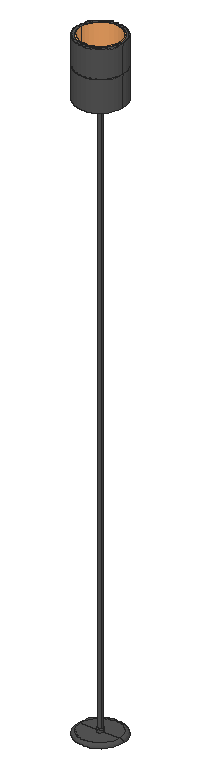
Revit family "MELO CYLINDER PENDANT LIGHT", category Lighting Fixtures, host Face, Revit 2020 (continued)
Types (16): name | Wattage_Input | Wattage Comments | Wattage | Voltage_Input | Size 08 | Size 06 | Size 04 | Selectable Wattage | Photometric Web File | Pendent Rod Length_1 | Pendent | Order number | built-in parameter 1150142 | Model | built-in parameter 1150105 | Lumens | built-in parameter 1150106 | Fixture Diameter | Canopy for Surface Mount J-box | Canopy for Recessed J-Box | Canopy Height | C2 H | C1 H | BEAMING ANGLE
     \r\n 0.15     0.15     0.16     0.17     0.18     0.21     0.21     0.22     0.22     0.22     \r\n 0.22     0.23     0.26     0.30     0.31     0.31     0.31     0.31     0.31     0.34     \r\n 0.36     0.37     0.38     0.42     0.45     0.51     0.60     0.65     0.73     0.83     \r\n 0.96     1.11     1.29     1.47     1.70     1.93     2.20     2.50     2.82     3.14     \r\n 3.49     3.86     4.23     4.60     5.00     5.40     5.81     6.21     6.60     6.99     \r\n 7.38     7.76     8.14     8.52     8.89     9.27     9.64     10.01    10.38    10.76    \r\n 11.14    11.51    11.90    12.30    12.66    13.04    13.38    13.73    14.05    14.35    \r\n 14.61    14.86    15.07    15.24    15.39    15.55    15.69    15.82    15.90    15.97    \r\n 15.84    \r\n7412.92  7434.12  7443.50  7443.31  7427.10  7403.51  7350.29  7287.47  7206.05  7114.99  \r\n 7021.15  6930.64  6843.58  6772.47  6701.78  6626.80  6545.57  6451.06  6343.95  6239.87  \r\n 6128.86  6011.60  5879.21  5736.84  5580.89  5386.30  5173.94  4924.16  4641.08  4317.06  \r\n 3976.39  3610.40  3246.28  2882.19  2520.37  2184.89  1886.84  1637.02  1387.20  1038.26  \r\n 734.81   530.02   405.76   333.09   289.27   245.62   218.38   196.14   177.00   159.87   \r\n 144.60   126.34   110.67   99.61    90.64    83.53    78.96    75.34    72.81    70.67    \r\n 68.66    66.67    64.10    61.58    59.15    56.69    54.25    51.79    49.30    46.82    \r\n 44.34    41.84    39.34    36.88    34.43    32.02    29.68    27.30    25.02    22.76    \r\n 20.59    18.43    16.33    14.29    12.33    10.44    8.61     6.79     5.05     3.35     \r\n 1.72     0.30     0.13     0.14     0.14     0.14     0.15     0.15     0.16     0.17     \r\n 0.18     0.18     0.18     0.20     0.21     0.21     0.21     0.22     0.23     0.24     \r\n 0.25     0.26     0.27     0.28     0.29     0.30     0.31     0.33     0.33     0.35     \r\n 0.37     0.38     0.40     0.43     0.46     0.50     0.56     0.63     0.72     0.81     \r\n 0.93     1.08     1.23     1.42     1.62     1.85     2.10     2.37     2.68     3.01     \r\n 3.34     3.70     4.07     4.45     4.83     5.23     5.64     6.04     6.43     6.82     \r\n 7.21     7.60     7.97     8.35     8.71     9.08     9.45     9.83     10.20    10.58    \r\n 10.95    11.33    11.73    12.12    12.49    12.86    13.22    13.58    13.92    14.23    \r\n 14.52    14.78    15.02    15.22    15.41    15.58    15.74    15.88    15.99    16.05    \r\n 15.84    \r\n7394.80  7413.96  7427.28  7432.08  7428.83  7396.42  7345.39  7271.18  7188.29  7097.34  \r\n 7007.25  6915.29  6828.02  6757.24  6691.77  6628.70  6555.96  6463.23  6356.22  6244.85  \r\n 6133.90  6018.73  5885.20  5744.45  5590.47  5409.11  5200.71  4956.06  4680.44  4364.13  \r\n 4025.36  3649.26  3282.22  2917.62  2552.56  2200.67  1887.92  1630.06  1379.43  1043.21  \r\n 735.20   524.60   396.74   323.73   275.31   240.49   214.46   193.05   174.99   158.25   \r\n 141.64   125.04   108.41   97.65    88.64    81.87    77.59    74.53    72.38    70.35    \r\n 68.28    66.31    63.95    61.52    59.09    56.67    54.23    51.79    49.34    46.86    \r\n 44.34    41.93    39.44    37.03    34.54    32.19    29.81    27.50    25.20    22.94    \r\n 20.78    18.62    16.58    14.48    12.52    10.63    8.72     6.96     5.10     3.41     \r\n 1.91     0.39     0.15     0.15     0.15     0.15     0.15     0.15     0.15     0.15     \r\n 0.15     0.15     0.15     0.17     0.16     0.21     0.23     0.23     0.24     0.24     \r\n 0.24     0.24     0.24     0.24     0.28     0.28     0.29     0.29     0.30     0.31     \r\n 0.35     0.37     0.37     0.39     0.43     0.46     0.51     0.61     0.67     0.77     \r\n 0.89     1.03     1.18     1.37     1.58     1.80     2.05     2.33     2.63     2.96     \r\n 3.29     3.65     4.01     4.39     4.77     5.16     5.57     5.96     6.37     6.76     \r\n 7.15     7.54     7.91     8.29     8.66     9.02     9.40     9.76     10.13    10.49    \r\n 10.86    11.22    11.61    11.98    12.35    12.71    13.06    13.41    13.73    14.04    \r\n 14.33    14.61    14.84    15.06    15.27    15.45    15.60    15.75    15.86    15.93    \r\n 15.84    \r\n7369.78  7390.55  7403.35  7416.03  7418.02  7388.36  7336.46  7266.58  7182.31  7087.47  \r\n 6990.33  6898.35  6806.60  6734.57  6665.95  6607.18  6550.10  6477.80  6386.51  6274.42  \r\n 6158.76  6045.25  5912.85  5768.60  5613.81  5438.28  5252.38  5022.55  4762.63  4455.46  \r\n 4114.27  3743.45  3366.19  3000.50  2634.83  2271.51  1929.30  1651.14  1406.87  1074.22  \r\n 751.56   527.69   391.64   317.20   275.42   233.81   208.45   187.85   170.19   154.33   \r\n 139.85   124.24   106.00   95.05    86.32    80.42    77.18    74.85    72.71    70.63    \r\n 68.58    66.58    64.40    61.97    59.54    57.12    54.70    52.29    49.83    47.36    \r\n 44.88    42.41    39.94    37.49    35.07    32.67    30.31    27.95    25.66    23.40    \r\n 21.21    19.06    16.95    14.91    12.92    11.02    9.17     7.34     5.58     3.88     \r\n 2.23     0.69     0.13     0.13     0.14     0.14     0.14     0.16     0.17     0.17     \r\n 0.18     0.18     0.19     0.19     0.19     0.19     0.21     0.22     0.22     0.24     \r\n 0.24     0.26     0.26     0.28     0.28     0.30     0.31     0.32     0.33     0.35     \r\n 0.36     0.37     0.39     0.42     0.45     0.49     0.54     0.61     0.69     0.78     \r\n 0.89     1.02     1.18     1.35     1.55     1.76     2.01     2.28     2.58     2.89     \r\n 3.23     3.58     3.93     4.30     4.68     5.06     5.47     5.87     6.26     6.64     \r\n 7.04     7.42     7.81     8.18     8.56     8.93     9.31     9.69     10.06    10.44    \r\n 10.82    11.19    11.56    11.92    12.29    12.65    13.00    13.33    13.66    13.98    \r\n 14.27    14.55    14.82    15.03    15.23    15.42    15.59    15.73    15.85    15.94    \r\n 15.84    \r\n7355.44  7370.85  7383.20  7398.82  7389.06  7351.44  7293.79  7215.76  7127.20  7032.43  \r\n 6931.03  6834.28  6745.55  6672.42  6612.10  6558.48  6502.71  6433.15  6343.27  6237.22  \r\n 6122.56  6001.72  5866.25  5710.91  5552.59  5371.19  5170.32  4936.99  4669.46  4351.82  \r\n 4012.57  3634.12  3260.01  2895.81  2534.05  2190.65  1865.74  1601.67  1303.94  1005.96  \r\n 703.43   494.67   373.61   306.07   261.53   229.39   205.48   185.77   169.11   153.50   \r\n 138.32   121.56   105.67   94.42    86.48    81.14    77.70    74.85    72.57    70.66    \r\n 68.60    66.60    64.07    61.54    59.13    56.74    54.31    51.89    49.44    46.99    \r\n 44.50    42.08    39.61    37.20    34.70    32.36    29.97    27.67    25.38    23.12    \r\n 20.95    18.80    16.74    14.64    12.70    10.77    8.88     7.09     5.23     3.60     \r\n 1.97     0.49     0.16     0.15     0.15     0.15     0.15     0.15     0.15     0.15     \r\n 0.15     0.15     0.15     0.16     0.17     0.18     0.20     0.21     0.21     0.21     \r\n 0.22     0.22     0.23     0.24     0.26     0.28     0.28     0.29     0.29     0.32     \r\n 0.34     0.36     0.36     0.39     0.43     0.46     0.51     0.58     0.66     0.76     \r\n 0.87     1.02     1.17     1.35     1.55     1.77     2.02     2.30     2.59     2.92     \r\n 3.25     3.61     3.96     4.34     4.72     5.11     5.51     5.90     6.31     6.69     \r\n 7.08     7.47     7.84     8.21     8.59     8.97     9.36     9.74     10.14    10.50    \r\n 10.88    11.23    11.59    11.95    12.31    12.69    13.00    13.34    13.66    13.97    \r\n 14.25    14.54    14.79    14.99    15.15    15.32    15.48    15.61    15.75    15.84    \r\n 15.84    \r\n7333.70  7348.81  7358.77  7368.47  7356.26  7314.69  7246.76  7167.95  7080.47  6992.26  \r\n 6901.66  6806.87  6715.17  6647.94  6588.73  6533.69  6475.24  6405.27  6312.57  6200.34  \r\n 6071.02  5951.83  5814.99  5650.92  5483.69  5286.26  5071.61  4826.18  4554.42  4236.93  \r\n 3894.37  3526.97  3162.81  2798.78  2447.19  2106.17  1799.77  1550.08  1302.61  966.82   \r\n 674.12   478.73   364.24   309.46   254.94   224.56   200.97   181.49   164.94   149.90   \r\n 136.10   118.83   103.33   91.82    84.74    79.84    76.79    74.69    72.78    70.85    \r\n 68.82    66.78    64.02    61.54    59.14    56.72    54.30    51.89    49.43    46.98    \r\n 44.51    42.04    39.57    37.13    34.69    32.29    29.94    27.58    25.30    23.04    \r\n 20.84    18.69    16.60    14.56    12.58    10.68    8.82     6.99     5.25     3.54     \r\n 1.90     0.42     0.14     0.14     0.14     0.15     0.15     0.16     0.16     0.17     \r\n 0.18     0.18     0.19     0.19     0.20     0.21     0.22     0.22     0.23     0.24     \r\n 0.25     0.26     0.26     0.27     0.29     0.30     0.32     0.33     0.33     0.35     \r\n 0.36     0.38     0.40     0.43     0.46     0.50     0.56     0.62     0.71     0.80     \r\n 0.92     1.05     1.21     1.38     1.58     1.80     2.06     2.33     2.63     2.95     \r\n 3.28     3.63     4.00     4.37     4.75     5.14     5.54     5.94     6.33     6.73     \r\n 7.12     7.51     7.89     8.28     8.66     9.05     9.43     9.82     10.20    10.56    \r\n 10.93    11.29    11.67    12.04    12.41    12.75    13.10    13.44    13.76    14.05    \r\n 14.33    14.59    14.82    15.02    15.20    15.37    15.52    15.65    15.76    15.84    \r\n 15.84    \r\n7317.63  7326.35  7330.18  7325.04  7297.71  7244.00  7172.58  7093.48  7009.14  6924.75  \r\n 6827.20  6738.46  6665.32  6597.96  6532.04  6469.44  6406.56  6320.97  6224.83  6113.08  \r\n 5989.92  5856.31  5703.35  5544.10  5369.75  5165.18  4938.72  4677.99  4386.72  4051.48  \r\n 3699.38  3319.40  2947.16  2589.09  2233.49  1918.35  1642.12  1418.41  1115.94  812.87   \r\n 566.70   412.71   325.98   273.35   236.75   209.68   188.42   171.03   156.13   142.02   \r\n 127.91   109.09   96.72    87.54    81.74    78.27    75.86    74.01    72.23    70.22    \r\n 68.23    65.90    63.10    60.69    58.28    55.88    53.43    51.02    48.56    46.11    \r\n 43.57    41.18    38.68    36.28    33.80    31.43    29.07    26.75    24.46    22.21    \r\n 20.06    17.92    15.89    13.79    11.84    9.95     8.07     6.28     4.45     2.85     \r\n 1.25     0.18     0.15     0.16     0.16     0.16     0.16     0.16     0.16     0.16     \r\n 0.16     0.16     0.16     0.16     0.17     0.18     0.21     0.21     0.21     0.21     \r\n 0.21     0.23     0.23     0.24     0.25     0.29     0.29     0.29     0.31     0.31     \r\n 0.36     0.36     0.37     0.40     0.44     0.49     0.55     0.62     0.74     0.81     \r\n 0.94     1.09     1.25     1.44     1.65     1.88     2.15     2.44     2.74     3.06     \r\n 3.40     3.77     4.13     4.51     4.89     5.29     5.70     6.09     6.48     6.88     \r\n 7.28     7.67     8.05     8.43     8.81     9.18     9.57     9.95     10.33    10.72    \r\n 11.08    11.45    11.83    12.18    12.54    12.88    13.21    13.54    13.85    14.15    \r\n 14.42    14.67    14.90    15.06    15.24    15.38    15.50    15.60    15.68    15.75    \r\n 15.84    \r\n7298.02  7301.72  7296.29  7272.43  7235.26  7182.47  7115.97  7040.01  6955.39  6872.35  \r\n 6782.68  6687.16  6613.78  6550.21  6482.97  6422.63  6351.84  6268.68  6169.81  6050.59  \r\n 5923.96  5793.32  5638.13  5468.27  5286.39  5078.44  4844.67  4567.88  4259.25  3913.40  \r\n 3549.29  3179.65  2810.10  2449.70  2104.17  1796.07  1541.39  1312.37  984.75   695.72   \r\n 486.23   368.41   311.54   254.93   223.53   199.82   180.67   163.95   149.21   135.77   \r\n 120.41   103.77   93.15    85.67    80.58    77.55    75.36    73.36    71.45    69.37    \r\n 67.39    64.95    62.40    60.00    57.58    55.14    52.72    50.26    47.79    45.30    \r\n 42.81    40.33    37.86    35.41    32.97    30.58    28.25    25.90    23.64    21.39    \r\n 19.26    17.10    15.04    13.01    11.10    9.23     7.40     5.62     3.90     2.22     \r\n 0.68     0.14     0.14     0.14     0.14     0.15     0.15     0.16     0.17     0.17     \r\n 0.18     0.18     0.19     0.19     0.20     0.21     0.21     0.22     0.23     0.24     \r\n 0.26     0.26     0.27     0.28     0.28     0.30     0.32     0.33     0.34     0.36     \r\n 0.37     0.39     0.42     0.44     0.49     0.54     0.60     0.69     0.78     0.90     \r\n 1.03     1.18     1.37     1.56     1.77     2.01     2.28     2.58     2.88     3.22     \r\n 3.57     3.93     4.30     4.68     5.07     5.48     5.88     6.27     6.67     7.07     \r\n 7.46     7.86     8.25     8.62     9.00     9.39     9.79     10.17    10.56    10.94    \r\n 11.29    11.67    12.03    12.38    12.72    13.05    13.37    13.67    13.96    14.25    \r\n 14.52    14.77    14.99    15.18    15.35    15.49    15.64    15.73    15.82    15.87    \r\n 15.84    \r\n7282.25  7279.52  7259.27  7221.01  7175.55  7111.38  7037.52  6955.58  6872.62  6784.48  \r\n 6690.66  6612.77  6552.88  6495.03  6435.30  6369.45  6288.71  6191.21  6081.34  5965.24  \r\n 5827.94  5674.95  5512.41  5329.58  5129.64  4905.58  4659.22  4365.96  4049.01  3687.23  \r\n 3326.43  2958.12  2597.73  2242.58  1918.97  1647.83  1415.69  1112.69  809.14   565.65   \r\n 410.19   325.83   273.21   236.71   209.74   188.52   171.29   155.72   141.56   127.40   \r\n 109.26   97.66    88.91    83.12    79.25    76.43    74.18    72.12    69.99    68.00    \r\n 65.94    63.50    61.13    58.73    56.28    53.86    51.37    48.92    46.43    43.95    \r\n 41.43    39.00    36.50    34.10    31.62    29.30    26.92    24.64    22.38    20.16    \r\n 18.03    15.93    13.93    11.88    10.01    8.15     6.31     4.59     2.80     1.26     \r\n 0.18     0.15     0.15     0.14     0.14     0.14     0.15     0.15     0.15     0.15     \r\n 0.15     0.15     0.16     0.17     0.17     0.19     0.21     0.21     0.21     0.21     \r\n 0.21     0.23     0.24     0.25     0.28     0.29     0.29     0.29     0.31     0.35     \r\n 0.36     0.37     0.42     0.45     0.49     0.54     0.62     0.72     0.82     0.95     \r\n 1.10     1.27     1.47     1.68     1.92     2.17     2.46     2.77     3.10     3.45     \r\n 3.81     4.17     4.55     4.95     5.35     5.74     6.15     6.53     6.93     7.34     \r\n 7.73     8.11     8.49     8.86     9.24     9.62     9.99     10.36    10.73    11.09    \r\n 11.45    11.82    12.17    12.52    12.86    13.19    13.49    13.79    14.05    14.33    \r\n 14.56    14.77    14.95    15.17    15.32    15.47    15.54    15.70    15.75    15.84    \r\n 15.84    \r\n7268.00  7256.45  7230.16  7185.50  7132.66  7061.42  6980.25  6891.54  6798.41  6706.46  \r\n 6617.55  6549.04  6501.52  6444.12  6383.79  6313.51  6233.63  6134.84  6021.86  5897.34  \r\n 5755.30  5586.50  5415.69  5232.96  5032.00  4794.66  4531.86  4217.29  3882.65  3516.29  \r\n 3159.35  2802.36  2441.60  2106.51  1803.74  1552.75  1330.26  1006.74  707.01   503.10   \r\n 377.55   317.65   258.04   225.29   200.73   181.14   164.50   149.54   136.07   121.29   \r\n 104.70   94.57    86.99    81.62    78.43    75.83    73.47    71.44    69.38    67.40    \r\n 65.19    62.77    60.38    57.97    55.53    53.08    50.59    48.12    45.61    43.12    \r\n 40.61    38.12    35.64    33.20    30.78    28.40    26.08    23.77    21.53    19.33    \r\n 17.20    15.11    13.10    11.15    9.29     7.44     5.68     3.95     2.28     0.70     \r\n 0.13     0.13     0.14     0.14     0.14     0.14     0.16     0.15     0.16     0.16     \r\n 0.17     0.18     0.19     0.20     0.21     0.21     0.22     0.23     0.24     0.24     \r\n 0.26     0.27     0.28     0.28     0.30     0.31     0.33     0.34     0.36     0.38     \r\n 0.40     0.42     0.45     0.50     0.55     0.62     0.70     0.80     0.91     1.05     \r\n 1.21     1.38     1.58     1.80     2.05     2.31     2.61     2.93     3.26     3.61     \r\n 3.97     4.35     4.73     5.13     5.52     5.92     6.33     6.71     7.11     7.52     \r\n 7.89     8.27     8.64     9.01     9.37     9.73     10.10    10.46    10.83    11.20    \r\n 11.56    11.93    12.29    12.62    12.96    13.28    13.59    13.88    14.15    14.38    \r\n 14.60    14.82    14.99    15.13    15.28    15.42    15.54    15.64    15.72    15.78    \r\n 15.84    \r\n7252.54  7229.91  7193.98  7145.72  7075.72  6994.95  6911.06  6815.87  6718
